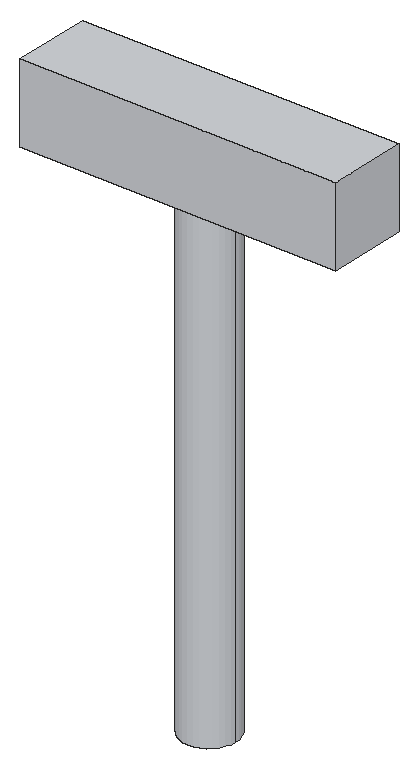
Revit family "BELT SUPPORT", category Generic Models, Revit 2024
Family settings
  Can host rebar = No
  Round Connector Dimension = Use Diameter
  Part Type = Normal
  Work Plane-Based = No
  Always vertical = Yes
  Cut with Voids When Loaded = No
  Maintain Annotation Orientation = No
  Shared = No
  Room Calculation Point = No
Parameters
  Default Elevation = 0' - 0"
Reference planes (in)
  plane 1 "Center (Front/Back)": y = 0
  plane 2: z = 0
  plane 3 "Center (Left/Right)": x = 0
  plane 4: z = 42.32283
Forms (in)
  Extrusion 1, solid
    sketch origin (0, 0, 0) x (1, 0, 0) y (0, 0, 1)
      loop
        line (11.81102, 42.32283) -> (-11.81102, 42.32283) -> (-11.81102, 36.41732) -> (11.81102, 36.41732) -> (11.81102, 42.32283)
    from -2.95313 to 2.95313
  Extrusion 2, solid
    sketch origin (0, 0, 0) x (1, 0, 0) y (0, 1, 0)
      loop
        circle (0, 0) r 2
    from 0 to 36.41732
Dimensions and locks (in)
  plane 4 to level = 3' - 6.32283"
  Extrusion 1 sketch curve to Extrusion 1 sketch curve = 0' - 5.90551"
  aligned and locked: plane 2 to level
